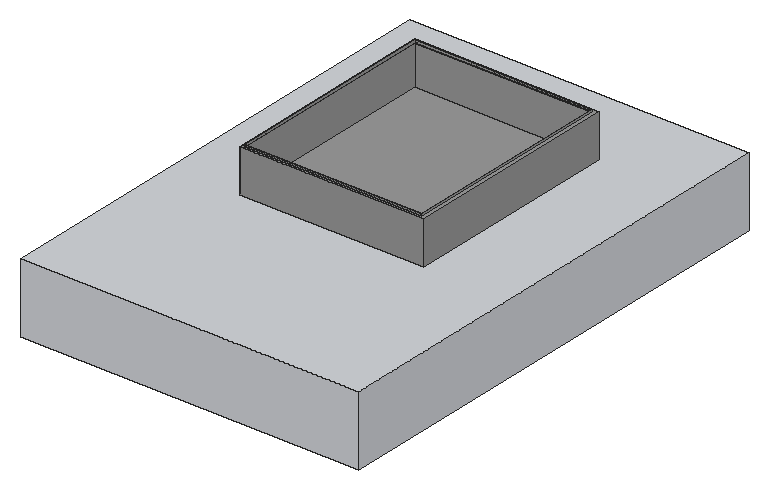
Revit family "Hager-Univers-IP30-D205-H950-Cl.II-Encl-CH-it", category Equipement électrique, Revit 2020
Family settings
  Hôte = Face
  Configuration du panneau = Deux colonnes, circuits au sein
  Cote de connecteur circulaire = Utiliser le diamètre
  Type d'élément = Tableau de raccordement
  Couper avec des vides une fois chargée = Non
  Partagée = Non
  Point de calcul de pièce = Non
Parameters (values of type "A parete IP30 L800 A950 P205  - FP63Q1S")
  Width Control [instance] = if([EF000008 - Larghezza] > Min Width, [EF000008 - Larghezza], Min Width)  # 800 mm
  Commentaires du type = [HG000003 - Gamma]  # "Univers"
  Thickness Door [instance] = if([EF009171 - spessore materiale porta/coperchio] > 3 mm, 3 mm, [EF009171 - spessore materiale porta/coperchio])  # 1 mm
  Seal Frame Offset [instance] = 17 mm  # constant formula
  Plinth Visibility [instance] = [HG000027 - Altezza dello zoccolo] > 0 mm  # no
  Model = ""
  Min Width [instance] = 100 mm  # constant formula
  Min Height [instance] = 100 mm  # constant formula
  Min Depth [instance] = (2 * [EF009170 - spessore materiale scatola]) + 1 mm  # 3 mm
  Internal Frame Depth [instance] = (Door System Depth * 0.5)  # 9 mm
  Height Control [instance] = if([EF000040 - Altezza] > Min Height, [EF000040 - Altezza], Min Height)  # 950 mm
  HG000027 - Altezza dello zoccolo = 0 mm
  HG000026 - A pavimento = no
  HG000024 - Altezza della sezione inferiore = 800 mm
  HG000023 - Custodia a doppia sezione = no
  HG000016 - Visibilità delle porte nella vista 3D [instance] = yes
  HG000015 - Visibilità attraverso la porta [instance] = no
  HG000014 - Porta destra [instance] = yes
  HG000013 - Porta sinistra [instance] = not([HG000014 - Porta destra])  # no
  HG000012 - Angolo di apertura della porta [instance] = 30.00°
  HG000010 - Porte asimmetriche = no
  HG000009 - Porta doppia a battente = no
  HG000006 - Ad incasso = no
  HG000004 - Codice produttore = "FP63Q1S"
  HG000003 - Gamma = "Univers"
  HG000002 - Con porta = no
  Frame Offset Bottom [instance] = 10 mm  # constant formula
  Frame Offset [instance] = 15 mm  # constant formula
  EF015940 - Coprire con rilascio di sovrapressione = no
  EF011959 - tipo di protezione (NEMA) = ""
  EF009554 - numero delle aperture per la piastra della flangia = 6
  Fabricant = "Hager"  # constant formula
  EF009212 - esecuzione coperchio = "EV009916 - con taglio"
  EF009171 - spessore materiale porta/coperchio = 1 mm
  EF009170 - spessore materiale scatola = 1 mm
  EF008873 - corrente nominale (In) = 250 A
  EF007800 - adatto per parafulmine = no
  EF006306 - con serratura = no
  EF006244 - coperchio/porta trasparente = no
  EF005474 - grado di protezione (IP) = "EV006410 - IP30"
  EF004464 - tipo di porta = "EV000494 - senza"
  EF004427 - numero di moduli = 216
  EF004293 - resistenza agli urti = "EV006813 - IK07"
  EF003532 - adatto per uso esterno = no
  EF002950 - Numero moduli DIN = 36
  EF001613 - Integrità del circuito = "EV000494 - senza"
  EF001596 - Attacco Lampada = "EV000179 - acciaio"
  EF001131 - profondità interna = 130 mm
  EF001088 - possibilità di applicazione = yes
  EF000437 - numero di ingressi per conduttori = 6
  EF000339 - tipo di copertura = "EV000494 - senza"
  EF000266 - numero di file = 6
  EF000218 - profondità di incasso = 0 mm
  EF000118 - con piastra di montaggio = no
  EF000116 - numero RAL = "9010"
  EF000049 - profondità = 205 mm
  EF000040 - Altezza = 950 mm
  EF000008 - Larghezza = 800 mm
  EF000007 - colore = "EV000202 - bianco"
  EF000003 - Tipo di montaggio = "EV000384 - A parete"
  Door System Leaf Tolerance [instance] = 1.5 mm  # constant formula
  Door System Depth [instance] = 18 mm  # constant formula
  Door Height [instance] = Height Control - [HG000027 - Altezza dello zoccolo]  # 950 mm
  Depth Control [instance] = if([EF000049 - profondità] > Min Depth, [EF000049 - profondità], Min Depth)  # 205 mm
  Default Elevation = 0 mm
  Connector Offset [instance] = Height Control / 2  # 475 mm
  Bottom Top Plate Trim [instance] = 1.5 mm  # constant formula
  Plinth height Ctrl [instance] = if([HG000027 - Altezza dello zoccolo] > 0 mm, [HG000027 - Altezza dello zoccolo], 12 mm)  # 12 mm
Types (5, lengths in mm): name | Width Control | HG000004 - Codice produttore | EF009554 - numero delle aperture per la piastra della flangia | EF004427 - numero di moduli | EF002950 - Numero moduli DIN | EF000437 - numero di ingressi per conduttori | EF000008 - Larghezza
  A parete IP30 L1050 A950 P205  - FP64Q1S | 1050 | "FP64Q1S" | 8 | 288 | 48 | 8 | 1050
  A parete IP30 L1300 A950 P205  - FP65Q1S | 1300 | "FP65Q1S" | 10 | 360 | 60 | 10 | 1300
  A parete IP30 L300 A950 P205  - FP61Q1S | 300 | "FP61Q1S" | 2 | 72 | 12 | 2 | 300
  A parete IP30 L550 A950 P205  - FP62Q1S | 550 | "FP62Q1S" | 4 | 144 | 24 | 4 | 550
  A parete IP30 L800 A950 P205  - FP63Q1S | 800 | "FP63Q1S" | 6 | 216 | 36 | 6 | 800
Reference planes
  plane 1 "Center (Front/Back)": y = 0
  plane 2: z = 0
  plane 3 "Center (Left/Right)": x = 0
  plane 4: z = 205
  plane 5: y = 1
  plane 6: y = 475
  plane 7: y = 0
  plane 8: y = 950
  plane 9: z = 0
  plane 10: x = -385
  plane 11: x = 385
  plane 12: x = 384
  plane 13: x = -384
  plane 14: y = 949
  plane 15: x = -383
  plane 16: x = -400
  plane 17: x = 383
  plane 18: x = 400
  plane 19: x = 399
  plane 20: x = -399
  plane 21: y = 11
  plane 22: y = 950
  plane 23: y = 934
  plane 24: z = 187
  plane 25: z = 1
  plane 26: z = 186
  plane 27: z = 204
Forms (mm)
  Extrusion 1, solid
    sketch origin (0, 0, 0) x (1, 0, 0) y (0, 1, 0)
      loop
        line (-702.964, 1305) -> (-702.964, -811.445) -> (766.763, -811.445) -> (766.763, 1305) -> (-702.964, 1305)
    from 0 to -304.8
  Extrusion 2, solid, material "Hager_Steel_RAL7035_Light_Grey", visible <- "Plinth Visibility", detail levels medium+fine
    sketch origin (0, 0, 0) x (1, 0, 0) y (0, 1, 0)
      loop
        line (-400, 0) -> (400, 0) -> (400, 12) -> (-400, 12) -> (-400, 0)
    from 0 to 187
  Extrusion 3, solid, material "Hager_Steel_RAL7035_Light_Grey", detail levels medium+fine
    sketch origin (0, 0, 0) x (1, 0, 0) y (0, 1, 0)
      loop
        line (-400, 0) -> (400, 0) -> (400, 950) -> (-400, 950) -> (-400, 0)
    from 0 to 187
  Extrusion 4, void
    sketch origin (0, 0, 0) x (1, 0, 0) y (0, 1, 0)
      loop
        line (-399, 1) -> (399, 1) -> (399, 949) -> (-399, 949) -> (-399, 1)
    from 1 to 186
  Extrusion 5, void
    sketch origin (-381.607, -4572, 187) x (0, -1, 0) y (-1, 0, 0)
      loop
        line (-4583, 2.393) -> (-5506, 2.393) -> (-5506, -765.607) -> (-4583, -765.607) -> (-4583, 2.393)
    from 0 to 1 <- "EF009170 - spessore materiale scatola"
  Extrusion 6, solid, material "Hager_Steel_RAL7035_Light_Grey", detail levels fine
    sketch origin (0, 0, 187) x (1, 0, 0) y (0, 1, 0)
      loop
        line (-384, 934) -> (-384, 11) -> (384, 11) -> (384, 934) -> (-384, 934)
      loop
        line (-385, 10) -> (385, 10) -> (385, 935) -> (-385, 935) -> (-385, 10)
    from 0 to 9 <- "Internal Frame Depth"
  Extrusion 7, solid, material "Hager_Steel_RAL7035_Light_Grey", detail levels coarse
    sketch origin (0, 0, 0) x (1, 0, 0) y (0, 1, 0)
      loop
        line (-400, 0) -> (400, 0) -> (400, 950) -> (-400, 950) -> (-400, 0)
    from 0 to 205
  Sweep 8, void
    path in 3D
      loop
        line (-400, 12, 0) -> (400, 12, 0) -> (400, 12, 187) -> (-400, 12, 187) -> (-400, 12, 0)
    profile origin (-400, 12, 93.5) x (-1, 0, 0) y (0, -1, 0)
      loop
        line (0, 0) -> (0, 1.5) -> (-1.5, 1.5)
        arc (-1.5, 1.5) -> (-1.061, 0.439) -> (0, 0) r 1.5
Cuts and joins
  Extrusion 4, Extrusion 5 cuts Extrusion 3
  Sweep 8 cuts Extrusion 2
Lines and regions (mm)
  Masking region 1
    outline origin (0, 0, 0) x (1, 0, 0) y (0, 0, 1)
      loop
        line (-400, 205) -> (-400, 0) -> (400, 0) -> (400, 205) -> (-400, 205)
  Masking region 2, detail levels medium+fine
    outline origin (0, 140, 0) x (0, 1, 0) y (0, 0, 1)
      loop
        line (-140, 0) -> (810, 0) -> (810, 187) -> (-140, 187) -> (-140, 0)
  Masking region 3, not visible, detail levels medium+fine
    outline origin (0, 297.922, 0) x (0, 1, 0) y (0, 0, 1)
      loop
        line (188.578, 0) -> (228.578, 0) -> (228.578, 194)
        arc (228.578, 194) -> (225.649, 201.071) -> (218.578, 204) r 10
        line (218.578, 204) -> (188.578, 204) -> (188.578, 0)
  Masking region 4, detail levels coarse
    outline origin (0, 0, 180) x (0, 1, 0) y (0, 0, 1)
      loop
        line (0, -180) -> (950, -180) -> (950, 25) -> (0, 25) -> (0, -180)
  Masking region 5, visible <- "Plinth Visibility", detail levels medium+fine
    outline origin (0, 52.24, 12.345) x (0, 0, -1) y (0, 1, 0)
      loop
        line (10.845, -40.24) -> (-173.155, -40.24)
        arc (-173.155, -40.24) -> (-173.594, -41.301) -> (-174.655, -41.74) r 1.5
        line (-174.655, -41.74) -> (-174.655, -52.24) -> (12.345, -52.24) -> (12.345, -41.74)
        arc (12.345, -41.74) -> (11.285, -41.301) -> (10.845, -40.24) r 1.5
  Masking region 6, detail levels medium+fine
    outline origin (-381.607, -4572, 187) x (-1, 0, 0) y (0, -1, 0)
      loop
        line (18.393, -5522) -> (18.393, -4572) -> (-781.607, -4572) -> (-781.607, -5522) -> (18.393, -5522)
  Masking region 7, visible <- "Plinth Visibility", detail levels medium+fine
    outline origin (-381.607, -4727, 187) x (-1, 0, 0) y (0, -1, 0)
      loop
        arc (16.893, -4739) -> (17.332, -4737.939) -> (18.393, -4737.5) r 1.5
        line (18.393, -4737.5) -> (18.393, -4727) -> (-781.607, -4727) -> (-781.607, -4737.5)
        arc (-781.607, -4737.5) -> (-780.546, -4737.939) -> (-780.107, -4739) r 1.5
        line (-780.107, -4739) -> (16.893, -4739)
  Masking region 8, detail levels coarse
    outline origin (-442.548, -4669.526, 187) x (-1, 0, 0) y (0, -1, 0)
      loop
        line (-42.548, -5619.526) -> (-42.548, -4669.526) -> (-842.548, -4669.526) -> (-842.548, -5619.526) -> (-42.548, -5619.526)
  sketch lines
    curve 1: line (-400, 12, 187) -> (-400, 12, 0)
    curve 2: line (400, 12, 187) -> (-400, 12, 187)
    curve 3: line (400, 12, 187) -> (400, 12, 0)
    curve 4: line (-400, 12, 0) -> (400, 12, 0)
Dimensions and locks
  "Depth Control": plane 4 to Extrusion 1
  "HG000027 - Altezza dello zoccolo": plane 1 "Center (Front/Back)" to plane 7
  "EF009170 - spessore materiale scatola": plane 5 to plane 7
  locked: connector elem to plane 3 "Center (Left/Right)"
  equal spacing: plane 8, plane 6, plane 7
  locked: connector elem to plane 6
  "EF009170 - spessore materiale scatola": plane 8 to plane 14
  "EF009170 - spessore materiale scatola": plane 10 to plane 13
  "EF009170 - spessore materiale scatola": plane 12 to plane 11
  "Frame Offset": plane 20 to plane 13
  "Frame Offset": plane 12 to plane 19
  "EF009170 - spessore materiale scatola": plane 16 to plane 20
  "EF009170 - spessore materiale scatola": plane 19 to plane 18
  "Seal Frame Offset": plane 16 to plane 15
  "Seal Frame Offset": plane 17 to plane 18
  "Frame Offset Bottom": plane 21 to plane 5
  "Frame Offset": plane 14 to plane 23
  equal spacing: plane 16, plane 3 "Center (Left/Right)", plane 18
  "Width Control": plane 16 to plane 18
  "EF009170 - spessore materiale scatola": plane 4 to plane 27
  "EF009170 - spessore materiale scatola": plane 24 to plane 26
  "EF009170 - spessore materiale scatola": plane 25 to level
  "Door System Depth": plane 4 to plane 24
  "Height Control": plane 1 "Center (Front/Back)" to Extrusion 7 sketch curve
  "Height Control": Masking region 4 sketch curve to plane 1 "Center (Front/Back)"
  "Height Control": plane 1 "Center (Front/Back)" to plane 22
  "Bottom Top Plate Trim": profile plane to Sweep 8 sketch curve
  "Bottom Top Plate Trim": Sweep 8 sketch curve to profile plane
  "Plinth height Ctrl": plane 1 "Center (Front/Back)" to Extrusion 2 sketch curve
  "Plinth height Ctrl": Masking region 5 sketch curve to plane 1 "Center (Front/Back)"
  "Plinth height Ctrl": plane 1 "Center (Front/Back)" to Masking region 7 sketch curve
  "Thickness Door": Extrusion 6 sketch curve to Extrusion 6 sketch curve  (x3)
  "Thickness Door": cut or joined group of Extrusion 3, Extrusion 4, Extrusion 5 to Extrusion 6 sketch curve
  radius of Masking region 3 sketch curve = 10 mm
  "Bottom Top Plate Trim": radius of Masking region 5 sketch curve  (x2)
  "Bottom Top Plate Trim": radius of Sweep 8 sketch curve
  "Bottom Top Plate Trim": radius of Masking region 7 sketch curve  (x2)
  aligned and locked: plane 2 to Extrusion 1
  aligned and locked: level to Extrusion 1
  aligned and locked: level to Masking region 1 sketch curve
  aligned and locked: Masking region 1 sketch curve to plane 18
  aligned and locked: Masking region 1 sketch curve to plane 16
  aligned and locked: plane 7 to Masking region 2 sketch curve
  aligned and locked: level to Masking region 3 sketch curve
  aligned and locked: Masking region 3 sketch curve to plane 27
  aligned and locked: level to Masking region 2 sketch curve
  aligned and locked: plane 1 "Center (Front/Back)" to Extrusion 2 sketch curve
  aligned and locked: Extrusion 3 sketch curve to plane 7
  aligned and locked: plane 16 to Extrusion 3 sketch curve
  aligned and locked: plane 18 to Extrusion 3 sketch curve
  aligned and locked: plane 20 to Extrusion 4 sketch curve
  aligned and locked: plane 19 to Extrusion 4 sketch curve
  aligned and locked: Extrusion 4 sketch curve to plane 5
  aligned and locked: Extrusion 4 to plane 25
  aligned and locked: plane 26 to Extrusion 4
  aligned and locked: plane 24 to Extrusion 3
  aligned and locked: Extrusion 5 sketch curve to plane 21
  aligned and locked: Extrusion 5 sketch curve to plane 13
  aligned and locked: Extrusion 5 sketch curve to plane 12
  aligned and locked: plane 18 to Extrusion 7 sketch curve
  aligned and locked: plane 1 "Center (Front/Back)" to Extrusion 7 sketch curve
  aligned and locked: plane 16 to Extrusion 7 sketch curve
  aligned and locked: plane 4 to Extrusion 7
  aligned and locked: Extrusion 7 to level
  aligned and locked: level to Masking region 4 sketch curve
  aligned and locked: Masking region 4 sketch curve to plane 1 "Center (Front/Back)"
  aligned and locked: Masking region 4 sketch curve to plane 4
  aligned and locked: nested 1 to level
  aligned and locked: nested 1 to plane 16
  aligned and locked: plane 8 to Extrusion 3 sketch curve
  aligned and locked: plane 23 to Extrusion 5 sketch curve
  aligned and locked: plane 14 to Extrusion 4 sketch curve
  aligned and locked: Masking region 2 sketch curve to plane 8
  aligned and locked: level to Masking region 5 sketch curve
  aligned and locked: plane 16 to Extrusion 2 sketch curve
  aligned and locked: plane 18 to Extrusion 2 sketch curve
  aligned and locked: Masking region 5 sketch curve to plane 24
  aligned and locked: Masking region 2 sketch curve to plane 24
  aligned and locked: plane 24 to Extrusion 2
  aligned and locked: profile plane to Sweep 8 sketch curve  (x2)
  aligned and locked: Masking region 6 sketch curve to plane 18
  aligned and locked: Masking region 6 sketch curve to plane 22
  aligned and locked: Masking region 6 sketch curve to plane 16
  aligned and locked: plane 8 to plane 22
  aligned and locked: Masking region 6 sketch curve to plane 7
  aligned and locked: Masking region 7 sketch curve to plane 16
  aligned and locked: Masking region 7 sketch curve to plane 1 "Center (Front/Back)"
  aligned and locked: Masking region 7 sketch curve to plane 18
  aligned and locked: Masking region 8 sketch curve to plane 1 "Center (Front/Back)"
  aligned and locked: Masking region 8 sketch curve to plane 18
  aligned and locked: Masking region 8 sketch curve to plane 22
  aligned and locked: Masking region 8 sketch curve to plane 16
  aligned and locked: nested 2 to plane 7
  aligned and locked: plane 3 "Center (Left/Right)" to nested 2
  aligned and locked: nested 2 to plane 24
  aligned and locked: Extrusion 6 sketch curve to cut or joined group of Extrusion 3, Extrusion 4, Extrusion 5  (x4)
Automatic sketch dimensions
  Extrusion 1 sketch curve to Extrusion 1 sketch curve = 1469.727 mm
  Extrusion 1 sketch curve to Extrusion 1 sketch curve = 2116.445 mm
  Masking region 1 sketch curve to plane 4 = 0 mm
  plane 6 to Masking region 3 sketch curve = 11.5 mm
  Masking region 3 sketch curve to Masking region 3 sketch curve = 30 mm
  Masking region 5 sketch curve to plane 1 "Center (Front/Back)" = 0 mm
Nested families
  nested 1: "Hager_Enclosure_Symbol" at (-400, 0, 0) x (1, 0, 0) z (0, -1, 0), Height <- "Depth Control", Width <- "Width Control", type "Hager_Enclosure_Symbol"
    with Width_Ctrl 800 mm, Width 800 mm, Height_Ctrl 205 mm, Height 205 mm, A_Width_Int 13.453 mm, A_Width 161.438 mm, A_Height_Ctrl 179.375 mm, A_Height 179.375 mm
  nested 2: "EC000058_Univers_Door" at (0, 0, 187) x (1, 0, 0) z (0, 1, 0), Leaf_Tolerance <- "Door System Leaf Tolerance", Angle <- "HG000012 - Angolo di apertura della porta", Door_Depth <- "Door System Depth", Door_Left <- "HG000013 - Porta sinistra", Transparent <- "EF006244 - coperchio/porta trasparente", Assymetrical <- "HG000010 - Porte asimmetriche", Width <- "Width Control", Clearance <- "HG000015 - Visibilità attraverso la porta", Double <- "HG000009 - Porta doppia a battente", 3d_Door <- "HG000016 - Visibilità delle porte nella vista 3D", Lock_Visibility <- "EF006306 - con serratura", Width_Ctrl <- "Width Control", Door_Right <- "HG000014 - Porta destra", Door <- "HG000002 - Con porta", Height <- "Door Height", Thickness <- "Thickness Door", type "EC000058_Univers_Door", detail levels medium+fine
    with min_wh 3 mm, Width_Ctrl 800 mm, Width 800 mm, Transparent no, Thickness 1 mm, Seal_Material Hager_Rubber, Lock_Visibility no, Lock_Material Hager_Plastic_RAL9005_Jet_Black, Leaf_Width 800 mm, Leaf_Tolerance_External_Sides 0 mm, Leaf_Tolerance 1.5 mm, Leaf_Offset 0 mm, Leaf_Height 947 mm, Leaf_2_Width 800 mm, Leaf_2_Offset 400 mm, Leaf_1_Width 800 mm, Leaf_1_Offset 400 mm, Height_Ctrl 950 mm, Height 950 mm, Glass_Material Hager_Glass, Double_Clearance_Ctrl no, Double no, Door_Right_Ctrl no, Door_Right yes, Door_Material Hager_Steel_RAL7035_Light_Grey, Door_Left_Ctrl no, Door_Left no, Door_Depth 18 mm, Door no, Clearance_Material Hager_Clearance, Clearance_Depth 800 mm, Clearance_Ctrl no, Clearance no, Assymetrical no, Angle 30.00°, 3d_Door yes
Connectors
  electrical at (0, 475, 0)
    settings: on plane 9, index 1, voltage 0 V, apparent load 0 VA, apparent load phase1 0 VA, apparent load phase2 0 VA, apparent load phase3 0 VA, power factor 1, load classification "Other", number of poles 1, system type 30, power factor state 1, is connector primary yes, connector utility no, sub classification motor no, connector description ""
Definition of nested family "Hager_Enclosure_Symbol"
  Parameters (values of type "Hager_Enclosure_Symbol")
    Width_Ctrl [instance] = if(Width > 1 mm, Width, 1 mm)  # 102.27 mm
    Width [instance] = 102.27 mm
    Height_Ctrl [instance] = if(Height > 1 mm, Height, 1 mm)  # 66.5 mm
    A_Width_Int [instance] = if(A_Width / 12 > 2 mm, A_Width / 12, 2 mm)  # 4.364 mm
    A_Width [instance] = if(A_Height_Ctrl * 0.9 > 2 mm, A_Height_Ctrl * 0.9, 2 mm)  # 52.369 mm
    A_Height_Ctrl [instance] = if(A_Height > 2 mm, A_Height, 2 mm)  # 58.188 mm
    Height [instance] = 66.5 mm
    A_Height [instance] = Height - (Height / 8)  # 58.188 mm
  Reference planes
    plane 1 "Centre (avant/arrière)": y = 0
    plane 2: z = 0
    plane 3 "Centre (gauche/droite)": x = 0
    plane 4: x = 52.369
    plane 5: y = 33.042
    plane 6: y = 41.77
    plane 7: y = 66.5
    plane 8: x = 26.184
    plane 9: y = 37.406
    plane 10: x = 102.27
    plane 11: y = 66.5
    plane 12: y = 8.313
  Lines and regions (mm)
    Filled region 1, type "Solid_Black", in view "Niveau de réf."
      outline origin (0, 0, 0) x (1, 0, 0) y (0, 1, 0)
        loop
          line (52.369, 66.5) -> (33.188, 54.536) -> (45.365, 45.006) -> (52.369, 66.5)
    Filled region 2, type "Solid_Black", in view "Niveau de réf."
      outline origin (0, 0, 0) x (1, 0, 0) y (0, 1, 0)
        loop
          line (0, 0) -> (102.27, 0) -> (102.27, 66.5) -> (0, 0)
    detail lines, in view "Niveau de réf."
      curve 1: line (0, 8.313, 0) -> (26.184, 41.77, 0)
      curve 2: line (26.184, 41.77, 0) -> (26.184, 33.042, 0)
      curve 3: line (26.184, 33.042, 0) -> (52.369, 66.5, 0)
  Dimensions and locks
    "A_Width": plane 3 "Centre (gauche/droite)" to plane 4
    equal spacing: plane 3 "Centre (gauche/droite)", plane 8, plane 4
    equal spacing: plane 6, plane 9, plane 5
    equal spacing: curve 3, Filled region 1 sketch curve, Filled region 1 sketch curve
    "Height_Ctrl": plane 1 "Centre (avant/arrière)" to plane 11
    "A_Height_Ctrl": plane 11 to plane 12
    equal spacing: plane 11, plane 9, plane 12
    "A_Width_Int": plane 6 to plane 9
    "Width_Ctrl": plane 3 "Centre (gauche/droite)" to plane 10
    angle Filled region 1 sketch curve to curve 3 = 20.00°
    angle curve 3 to Filled region 1 sketch curve = 20.00°
    locked: curve 3 to Filled region 1 sketch curve (angle 90.00°)
    aligned and locked: plane 10 to Filled region 2
    aligned and locked: plane 11 to Filled region 2 sketch curve
    aligned and locked: plane 10 to Filled region 2 sketch curve
    aligned and locked: plane 3 "Centre (gauche/droite)" to curve 1
    aligned and locked: plane 12 to curve 1
    aligned and locked: plane 7 to plane 11
  Automatic sketch dimensions
    Filled region 1 sketch curve to plane 4 = 0 mm
    Filled region 1 sketch curve to plane 7 = 0 mm
    plane 1 "Centre (avant/arrière)" to Filled region 2 sketch curve = 0 mm
    Filled region 2 sketch curve to plane 3 "Centre (gauche/droite)" = 0 mm
    curve 2 to plane 6 = 0 mm
    curve 2 to plane 8 = 0 mm
    curve 3 to plane 4 = 0 mm
    curve 2 to plane 5 = 0 mm
    curve 3 to plane 7 = 0 mm
Definition of nested family "EC000058_Univers_Door"
  Parameters (values of type "EC000058_Univers_Door")
    min_wh [instance] = (2 * Thickness) + 1 mm  # 11 mm
    Width_Ctrl [instance] = 400 mm
    Width [instance] = 500 mm
    Transparent [instance] = yes
    Thickness [instance] = 5 mm
    Seal_Material [instance] = none
    Lock_Visibility [instance] = yes
    Lock_Material [instance] = none
    Leaf_Width [instance] = if((Width_Ctrl - 2 * Leaf_Tolerance_External_Sides) > 0 mm, (Width_Ctrl - 2 * Leaf_Tolerance_External_Sides), min_wh)  # 400 mm
    Leaf_Tolerance_External_Sides [instance] = 0 mm  # constant formula
    Leaf_Tolerance [instance] = 1.5 mm
    Leaf_Offset [instance] = 0 mm  # constant formula
    Leaf_Height [instance] = if((Height_Ctrl - 2 * Leaf_Tolerance) > 0 mm, (Height_Ctrl - 2 * Leaf_Tolerance), min_wh)  # 497 mm
    Leaf_2_Width [instance] = if(and(and(Double, Assymetrical), Door_Left), (Leaf_Width / 3) - (Leaf_Tolerance / 2), if(and(and(Double, Assymetrical), Door_Right), (Leaf_Width / 3) * 2 - (Leaf_Tolerance / 2), if(and(Double, not(Assymetrical)), (Leaf_Width / 2) - Leaf_Tolerance, Leaf_Width)))  # 400 mm
    Leaf_2_Offset [instance] = if(and(Double, Assymetrical), Leaf_2_Width / 2, if(and(Double, not(Assymetrical)), Leaf_Width / 4, Leaf_Width / 2))  # 200 mm
    Leaf_1_Width [instance] = if(and(and(Double, Assymetrical), Door_Right), (Leaf_Width / 3) - (Leaf_Tolerance / 2), if(and(and(Double, Assymetrical), Door_Left), (Width / 3) * 2 - (Leaf_Tolerance / 2), if(and(Double, not(Assymetrical)), (Leaf_Width / 2) - Leaf_Tolerance, Leaf_Width)))  # 400 mm
    Leaf_1_Offset [instance] = if(and(Double, Assymetrical), Leaf_1_Width / 2, if(and(Double, not(Assymetrical)), Leaf_Width / 4, Leaf_Width / 2))  # 200 mm
    Height_Ctrl [instance] = if(Height > min_wh, Height, min_wh)  # 500 mm
    Height [instance] = 500 mm
    Glass_Material [instance] = none
    Double_Clearance_Ctrl [instance] = and(Double, Clearance)  # no
    Double [instance] = no
    Door_Right_Ctrl [instance] = and(or(Door_Right, Double), Door)  # yes
    Door_Right [instance] = yes
    Door_Material [instance] = none
    Door_Left_Ctrl [instance] = and(or(Door_Left, Double), Door)  # no
    Door_Left [instance] = no
    Door_Depth [instance] = 30 mm
    Door [instance] = yes
    Default Elevation = 1219.2 mm
    Clearance_Material [instance] = none
    Clearance_Depth [instance] = if(Leaf_1_Width > Leaf_2_Width, Leaf_1_Width, Leaf_2_Width)  # 400 mm
    Clearance_Ctrl [instance] = and(not(Double), Clearance)  # yes
    Clearance [instance] = yes
    Assymetrical [instance] = yes
    Angle [instance] = 30.00°
    3d_Door [instance] = yes
  Reference planes
    plane 1 "Center (Front/Back)": y = 0
    plane 2 "Bottom": z = 0
    plane 3 "Center (Left/Right)": x = 0
    plane 4: z = 500
    plane 5: x = -200
    plane 6: x = 200
    plane 7: z = 500
    plane 8: x = -200
    plane 9: z = 0
    plane 10: x = 200
    plane 11: y = 0
    plane 12: z = 1.5
    plane 13: x = -600
    plane 14: y = -400
    plane 15: x = 600
    plane 16: x = 0
    plane 17: x = 0
    plane 18: x = -200
    plane 19: x = 200
    plane 20: z = 498.5
  Forms (mm)
    Extrusion 1, solid, material <- "Clearance_Material", visible <- "Double_Clearance_Ctrl"
      sketch origin (1200, 0, 0) x (1, 0, 0) y (0, 0, -1)
        loop
          line (-1800, -498.5) -> (-600, -498.5) -> (-600, 0) -> (-1800, 0) -> (-1800, -498.5)
      from 0 to -400
  Dimensions and locks
    equal spacing: plane 5, plane 3 "Center (Left/Right)", plane 6
    "Width_Ctrl": plane 5 to plane 6
    "Leaf_Offset": plane 5 to plane 8
    "Leaf_Offset": plane 6 to plane 10
    "Leaf_Offset": plane 9 to level
    "Leaf_Offset": plane 4 to plane 7
    "Height_Ctrl": plane 4 to level
    "Leaf_Tolerance": plane 12 to plane 9
    locked: plane 11 to plane 1 "Center (Front/Back)"
    "Leaf_1_Offset": plane 18 to plane 16
    "Leaf_2_Offset": plane 17 to plane 19
    "Leaf_1_Width": plane 13 to plane 8
    "Leaf_2_Width": plane 10 to plane 15
    "Clearance_Depth": plane 14 to plane 1 "Center (Front/Back)"
    "Leaf_Tolerance_External_Sides": plane 8 to plane 18
    "Leaf_Tolerance_External_Sides": plane 19 to plane 10
    "Leaf_Tolerance": plane 7 to plane 20
    aligned and locked: level to plane 2 "Bottom"
    aligned and locked: nested 1 to plane 16
    aligned and locked: nested 2 to plane 17
    aligned and locked: Extrusion 1 to plane 13
    aligned and locked: plane 15 to Extrusion 1
    aligned and locked: Extrusion 1 to plane 14
    aligned and locked: plane 12 to nested 1
    aligned and locked: nested 2 to plane 12
    aligned and locked: Extrusion 1 to plane 11
    aligned and locked: plane 20 to Extrusion 1
    aligned and locked: nested 2 to plane 11
    aligned and locked: nested 1 to plane 11
  Automatic sketch dimensions
    Extrusion 1 sketch curve to level = 0 mm
    plane 5 to Extrusion 1 sketch curve = 400 mm
    plane 6 to Extrusion 1 sketch curve = 400 mm
    Extrusion 1 sketch curve to plane 4 = 1.5 mm
  Nested families
    nested 1: "EC000058_Univers_Door_Leaf" at (0, 0, 1.5), Width <- "Leaf_1_Width", visible <- "Door_Left_Ctrl", Leaf_Height <- "Leaf_Height", Angle <- "Angle", 3d_Door <- "3d_Door", Transparent <- "Transparent", Clearance Material <- "Clearance_Material", Clearance <- "Clearance_Ctrl", Door_Material <- "Door_Material", Glass_Material <- "Glass_Material", Door_Depth <- "Door_Depth", Lock_Material <- "Lock_Material", Seal_Material <- "Seal_Material", Lock_Visibility <- "Lock_Visibility", Thickness <- "Thickness", type "EC000058_Univers_Door_Leaf"
      with Width 400 mm, Transparent_Glass_Offset 30 mm, Transparent_Ctrl yes, Transparent yes, Thickness 5 mm, Standard no, Seal_Material none, Seal_D2 8 mm, Seal_D1 1 mm, Offset_Internal_Frame 10 mm, Lock_Width 20 mm, Lock_Visibility_3d yes, Lock_Visibility yes, Lock_Thickness_3 3 mm, Lock_Thickness_2 1 mm, Lock_Thickness_1 3 mm, Lock_Radius_Offset_2 16 mm, Lock_Radius_Offset_1 15 mm, Lock_Radius_2 5 mm, Lock_Radius 6 mm, Lock_Offset 5 mm, Lock_Material none, Lock_Height 80 mm, Lock_Cover_Top_Offset_2d 17 mm, Lock_Cover_Height -65 mm, Leaf_Height 497 mm, Internal_Seal_Thickness 8 mm, Internal_Seal_Depth_2 4.5 mm, Internal_Frame_Depth 25 mm, Glass_Thickness -1 mm, Glass_Offset -2 mm, Glass_Material none, Door_Material none, Door_Depth 30 mm, Clearance Material none, Clearance yes, Angle_Ctrl 30.00°, Angle 30.00°, 3d_Door yes
    nested 2: "EC000058_Univers_Door_Leaf" at (0, 0, 1.5) x (-1, 0, 0) z (0, 0, 1), Width <- "Leaf_2_Width", visible <- "Door_Right_Ctrl", Leaf_Height <- "Leaf_Height", Angle <- "Angle", 3d_Door <- "3d_Door", Transparent <- "Transparent", Clearance Material <- "Clearance_Material", Clearance <- "Clearance_Ctrl", Door_Material <- "Door_Material", Glass_Material <- "Glass_Material", Door_Depth <- "Door_Depth", Lock_Material <- "Lock_Material", Seal_Material <- "Seal_Material", Lock_Visibility <- "Lock_Visibility", Thickness <- "Thickness", type "EC000058_Univers_Door_Leaf"
      with Width 400 mm, Transparent_Glass_Offset 30 mm, Transparent_Ctrl yes, Transparent yes, Thickness 5 mm, Standard no, Seal_Material none, Seal_D2 8 mm, Seal_D1 1 mm, Offset_Internal_Frame 10 mm, Lock_Width 20 mm, Lock_Visibility_3d yes, Lock_Visibility yes, Lock_Thickness_3 3 mm, Lock_Thickness_2 1 mm, Lock_Thickness_1 3 mm, Lock_Radius_Offset_2 16 mm, Lock_Radius_Offset_1 15 mm, Lock_Radius_2 5 mm, Lock_Radius 6 mm, Lock_Offset 5 mm, Lock_Material none, Lock_Height 80 mm, Lock_Cover_Top_Offset_2d 17 mm, Lock_Cover_Height -65 mm, Leaf_Height 497 mm, Internal_Seal_Thickness 8 mm, Internal_Seal_Depth_2 4.5 mm, Internal_Frame_Depth 25 mm, Glass_Thickness -1 mm, Glass_Offset -2 mm, Glass_Material none, Door_Material none, Door_Depth 30 mm, Clearance Material none, Clearance yes, Angle_Ctrl 30.00°, Angle 30.00°, 3d_Door yes
  Definition of nested family "EC000058_Univers_Door_Leaf"
    Parameters (values of type "EC000058_Univers_Door_Leaf")
      Width [instance] = 2000 mm
      Transparent_Glass_Offset [instance] = 30 mm
      Transparent_Ctrl [instance] = and(Transparent, [3d_Door])  # yes
      Transparent [instance] = yes
      Thickness [instance] = 5 mm
      Standard [instance] = and(not(Transparent), [3d_Door])  # no
      Seal_Material [instance] = none
      Seal_D2 [instance] = 8 mm  # constant formula
      Seal_D1 [instance] = 1 mm  # constant formula
      Offset_Internal_Frame [instance] = 10 mm  # constant formula
      Lock_Width [instance] = 20 mm  # constant formula
      Lock_Visibility_3d [instance] = and(Lock_Visibility, [3d_Door])  # yes
      Lock_Visibility [instance] = yes
      Lock_Thickness_3 [instance] = 3 mm  # constant formula
      Lock_Thickness_2 [instance] = 1 mm  # constant formula
      Lock_Thickness_1 [instance] = 3 mm  # constant formula
      Lock_Radius_Offset_2 [instance] = Lock_Radius_Offset_1 + 1 mm  # 16 mm
      Lock_Radius_Offset_1 [instance] = 15 mm  # constant formula
      Lock_Radius_2 [instance] = Lock_Radius - 1 mm  # 5 mm
      Lock_Radius [instance] = 6 mm  # constant formula
      Lock_Offset [instance] = 5 mm  # constant formula
      Lock_Material [instance] = none
      Lock_Height [instance] = 80 mm  # constant formula
      Lock_Cover_Top_Offset_2d [instance] = Lock_Radius_Offset_2 + 1 mm  # 17 mm
      Lock_Cover_Height [instance] = -(Lock_Height - Lock_Radius_Offset_1)  # -65 mm
      Leaf_Height [instance] = 2720.336 mm
      Internal_Seal_Thickness [instance] = 8 mm  # constant formula
      Internal_Seal_Depth_2 [instance] = 4.5 mm  # constant formula
      Internal_Frame_Depth [instance] = if(Door_Depth - Thickness > 5 mm, Door_Depth - Thickness, 5 mm)  # 25 mm
      Glass_Thickness [instance] = if(Thickness > 15 mm, Glass_Offset + 10 mm, -1 mm)  # -1 mm
      Glass_Offset [instance] = if(Thickness > 15 mm, -(Thickness + 10 mm) / 2, -2 mm)  # -2 mm
      Glass_Material [instance] = none
      Door_Material [instance] = none
      Door_Depth [instance] = 30 mm
      Default Elevation = 0 mm
      Clearance Material [instance] = none
      Clearance [instance] = yes
      Angle_Ctrl [instance] = if(Angle > 180.00°, 180.00°, Angle)  # 90.00°
      Angle [instance] = 90.00°
      3d_Door [instance] = yes
    Reference planes
      plane 1 "Center (Front/Back)": y = 0
      plane 2: z = 0
      plane 3 "Center (Left/Right)": x = 0
      plane 4: y = 2000
      plane 5: x = -1000
      plane 6: x = 1000
      plane 7: x = -3000
      plane 8: z = 2720.336
      plane 9: z = 30
      plane 10: z = 2690.336
      plane 11: x = 970
      plane 12: x = -970
      plane 13: y = -3
      plane 14: z = 107.833
      plane 15: y = -5
      plane 16: y = -223.314
      plane 17: x = -1000
      plane 18: z = 1360.168
      plane 19: y = 30
    Forms (mm)
      Extrusion 1, solid, material <- "Clearance Material", visible <- "Clearance"
        sketch origin (0, 0, 0) x (1, 0, 0) y (0, 0, 1)
          loop
            line (-3000, 2720.336) -> (-3000, 0) -> (1000, 0) -> (1000, 2720.336) -> (-3000, 2720.336)
        from 0 to -2000
      Extrusion 2, solid, material <- "Door_Material", visible <- "Standard", detail levels medium+fine
        sketch origin (-1000, 0, 0) x (0, 1, 0) y (-1, 0, 0)
          loop
            line (0, 30) -> (0, 25) -> (2000, 25) -> (2000, 30) -> (0, 30)
        from 0 to 2720.336 <- "Leaf_Height"
      Extrusion 3, solid, material <- "Door_Material", visible <- "Transparent_Ctrl", detail levels medium+fine
        sketch origin (-1000, 0, 0) x (0, 1, 0) y (-1, 0, 0)
          loop
            line (0, 25) -> (2000, 25) -> (2000, 30) -> (0, 30) -> (0, 25)
        from 0 to 2720.336 <- "Leaf_Height"
      Extrusion 4, void
        sketch origin (-1025, 2000, 0) x (0, 1, 0) y (0, 0, -1)
          loop
            line (-30, -2690.336) -> (-30, -30) -> (-1970, -30) -> (-1970, -2690.336) -> (-30, -2690.336)
        from 0 to 5 <- "Thickness"
      Sweep 5, solid, material <- "Seal_Material", visible <- "Transparent_Ctrl", detail levels fine
        path in 3D
          loop
            line (-1025, 30, 30) -> (-1025, 30, 2690.336) -> (-1025, 1970, 2690.336) -> (-1025, 1970, 30) -> (-1025, 30, 30)
        profile origin (-1025, 1000, 30) x (1, 0, 0) y (0, 0, 1)
          loop
            line (0, 0) -> (0, -8) -> (1, -8) -> (1, 0) -> (0, 0)
      Extrusion 6, solid, material <- "Glass_Material", visible <- "Transparent_Ctrl", detail levels medium+fine
        sketch origin (-1030, 0, 0) x (0, 1, 0) y (0, 0, -1)
          loop
            line (1970, -2690.336) -> (1970, -30) -> (30, -30) -> (30, -2690.336) -> (1970, -2690.336)
        from -2 <- "Glass_Offset" to -1 <- "Glass_Thickness"
      Extrusion 7, solid, material <- "Door_Material", visible <- "3d_Door", detail levels medium+fine
        sketch origin (-1025, 2000, 0) x (0, -1, 0) y (0, 0, -1)
          loop
            line (0, -2720.336) -> (2000, -2720.336) -> (2000, 0) -> (0, 0) -> (0, -2720.336)
          loop
            line (1995, -5) -> (5, -5) -> (5, -2715.336) -> (1995, -2715.336) -> (1995, -5)
        from 0 to 25 <- "Internal_Frame_Depth"
      Sweep 8, solid, material <- "Seal_Material", visible <- "Transparent_Ctrl", detail levels fine
        path in 3D
          loop
            line (-1025, 0, 0) -> (-1025, 2000, 0) -> (-1025, 2000, 2720.336) -> (-1025, 0, 2720.336) -> (-1025, 0, 0)
        profile origin (-1025, 0, 1360.168) x (1, 0, 0) y (0, 1, 0)
          loop
            line (0, 10) -> (2.975, 10)
            arc (2.975, 10) -> (4.053, 10.447) -> (4.5, 11.525) r 1.525
            line (4.5, 11.525) -> (4.5, 16.527)
            arc (4.5, 16.527) -> (4.069, 17.569) -> (3.027, 18) r 1.473
            line (3.027, 18) -> (0, 18) -> (0, 10)
      Extrusion 9, solid, material <- "Lock_Material", visible <- "Lock_Visibility_3d", detail levels fine
        sketch origin (-1030, 0, 0) x (0, 1, 0) y (0, 0, -1)
          loop
            arc (1993.5, -1400.168) -> (1994.561, -1399.729) -> (1995, -1398.668) r 1.5
            line (1995, -1398.668) -> (1995, -1320.168) -> (1975, -1320.168) -> (1975, -1398.668)
            arc (1975, -1398.668) -> (1975.439, -1399.729) -> (1976.5, -1400.168) r 1.5
            line (1976.5, -1400.168) -> (1993.5, -1400.168)
        from 3 <- "Lock_Thickness_1" to 0
      Blend 10, solid, material <- "Lock_Material", visible <- "Lock_Visibility_3d", detail levels fine
        base sketch origin (-1033, 0, 0) x (0, 1, 0) y (0, 0, -1)
          loop
            line (1975, -1320.168) -> (1975, -1398.668)
            arc (1975, -1398.668) -> (1975.439, -1399.729) -> (1976.5, -1400.168) r 1.5
            line (1976.5, -1400.168) -> (1993.5, -1400.168)
            arc (1993.5, -1400.168) -> (1994.561, -1399.729) -> (1995, -1398.668) r 1.5
            line (1995, -1398.668) -> (1995, -1320.168) -> (1975, -1320.168)
        top sketch origin (-1033, 0, 0) x (0, 1, 0) y (0, 0, -1)
          loop
            line (1976, -1320.168) -> (1976, -1398.668)
            arc (1976, -1398.668) -> (1976.146, -1399.022) -> (1976.5, -1399.168) r 0.5
            line (1976.5, -1399.168) -> (1993.5, -1399.168)
            arc (1993.5, -1399.168) -> (1993.854, -1399.022) -> (1994, -1398.668) r 0.5
            line (1994, -1398.668) -> (1994, -1320.168) -> (1976, -1320.168)
        from 0 to 1 <- "Lock_Thickness_2"
      Blend 11, solid, material <- "Lock_Material", visible <- "Lock_Visibility_3d", detail levels fine
        base sketch origin (-1034, 0, 0) x (0, 1, 0) y (0, 0, -1)
          loop
            line (1978, -1320.168) -> (1978, -1384.168)
            arc (1978, -1384.168) -> (1985, -1391.168) -> (1992, -1384.168) r 7
            line (1992, -1384.168) -> (1992, -1320.168) -> (1978, -1320.168)
        top sketch origin (-1034, 0, 0) x (0, 1, 0) y (0, 0, -1)
          loop
            line (1991, -1320.168) -> (1979, -1320.168) -> (1979, -1383.168)
            arc (1979, -1383.168) -> (1985, -1389.168) -> (1991, -1383.168) r 6
            line (1991, -1383.168) -> (1991, -1320.168)
        from 0 to 3 <- "Lock_Thickness_3"
      Extrusion 12, solid, material <- "Lock_Material", visible <- "Lock_Visibility_3d", detail levels fine
        sketch origin (-1030, 1975, 1320.168) x (1, 0, 0) y (0, -1, 0)
          loop
            line (-7, -19) -> (-7, -1) -> (0, -1) -> (0, 0) -> (-8, 0) -> (-8, -20) -> (0, -20) -> (0, -19) -> (-7, -19)
        from 0 to -65 <- "Lock_Cover_Height"
      Extrusion 13, void
        sketch origin (-1038, 1995, 1320.168) x (-1, 0, 0) y (0, 0, -1)
          loop
            line (-5, -65) -> (0, -65) -> (-5, -60) -> (-5, -65)
        from 0 to 20 <- "Lock_Width"
      Extrusion 14, void
        sketch origin (-1038, 1975, 1320.168) x (0, -1, 0) y (0, 0, -1)
          loop
            circle (-10, -15.995) r 6
          loop
            circle (-10, -15.995) r 5
        from 0 to 2
      Extrusion 15, solid, material <- "Lock_Material", visible <- "Lock_Visibility_3d", detail levels medium
        sketch origin (-1030, 0, 0) x (0, 1, 0) y (0, 0, -1)
          loop
            arc (1993.5, -1400.168) -> (1994.561, -1399.729) -> (1995, -1398.668) r 1.5
            line (1995, -1398.668) -> (1995, -1320.168) -> (1975, -1320.168) -> (1975, -1398.668)
            arc (1975, -1398.668) -> (1975.439, -1399.729) -> (1976.5, -1400.168) r 1.5
            line (1976.5, -1400.168) -> (1993.5, -1400.168)
        from 8 to 0
    Cuts and joins
      Extrusion 4 cuts Extrusion 3
      Extrusion 13, Extrusion 14 cuts Extrusion 9
      Extrusion 14 cuts Blend 11
      Extrusion 13, Extrusion 14 cuts Extrusion 12
      joined: Extrusion 9, Blend 10, Blend 11, Extrusion 12
      Extrusion 14 cuts Extrusion 15
    Lines and regions (mm)
      Masking region 1, visible <- "Lock_Visibility", detail levels fine
        outline origin (0, 0, 0) x (0, 1, 0) y (0, 0, 1)
          loop
            line (30, 1320.168) -> (33, 1320.168) -> (33, 1400.168) -> (30, 1400.168) -> (30, 1320.168)
      Masking region 2, visible <- "Lock_Visibility", detail levels fine
        outline origin (0, 3.143, 0) x (0, 1, 0) y (0, 0, 1)
          loop
            line (29.857, 1354.168) -> (30.857, 1354.168) -> (30.857, 1366.168) -> (29.857, 1366.168) -> (29.857, 1354.168)
      Masking region 3, detail levels medium+fine
        outline origin (0, 0, 0) x (0, 1, 0) y (0, 0, 1)
          loop
            line (0, 0) -> (30, 0) -> (30, 2720.336) -> (0, 2720.336) -> (0, 0)
      Masking region 4, detail levels medium+fine
        outline origin (0, 0, 0) x (1, 0, 0) y (0, 0, 1)
          loop
            line (-1000, 2720.336) -> (-1000, 0) -> (1000, 0) -> (1000, 2720.336) -> (-1000, 2720.336)
      Masking region 5, visible <- "Lock_Visibility", detail levels fine
        outline origin (-47.116, 0, 0) x (1, 0, 0) y (0, 0, 1)
          loop
            arc (1024.616, 1399.168) -> (1023.556, 1398.729) -> (1023.116, 1397.668) r 1.5
            line (1023.116, 1397.668) -> (1023.116, 1320.168) -> (1041.116, 1320.168) -> (1041.116, 1397.668)
            arc (1041.116, 1397.668) -> (1040.677, 1398.729) -> (1039.616, 1399.168) r 1.5
            line (1039.616, 1399.168) -> (1024.616, 1399.168)
      Masking region 6, visible <- "Lock_Visibility", detail levels medium+fine
        outline origin (-25, 0, 0) x (1, 0, 0) y (0, 0, 1)
          loop
            arc (1001.5, 1400.168) -> (1000.439, 1399.729) -> (1000, 1398.668) r 1.5
            line (1000, 1398.668) -> (1000, 1320.168) -> (1020, 1320.168) -> (1020, 1398.668)
            arc (1020, 1398.668) -> (1019.561, 1399.729) -> (1018.5, 1400.168) r 1.5
            line (1018.5, 1400.168) -> (1001.5, 1400.168)
      Masking region 7, visible <- "Lock_Visibility", detail levels fine
        outline origin (-73.735, 0, 0) x (1, 0, 0) y (0, 0, 1)
          loop
            line (1051.735, 1382.168) -> (1065.735, 1382.168) -> (1065.735, 1384.168)
            arc (1065.735, 1384.168) -> (1058.735, 1391.168) -> (1051.735, 1384.168) r 7
            line (1051.735, 1384.168) -> (1051.735, 1382.168)
      Masking region 8, visible <- "Lock_Visibility", detail levels fine
        outline origin (-73.735, 0, 0) x (1, 0, 0) y (0, 0, 1)
          loop
            line (1052.735, 1382.168) -> (1064.735, 1382.168) -> (1064.735, 1383.168)
            arc (1064.735, 1383.168) -> (1058.735, 1389.168) -> (1052.735, 1383.168) r 6
            line (1052.735, 1383.168) -> (1052.735, 1382.168)
      Masking region 9, visible <- "Lock_Visibility", detail levels fine
        outline origin (-25, 0, 0) x (1, 0, 0) y (0, 0, 1)
          loop
            line (1020, 1320.168) -> (1020, 1382.168) -> (1000, 1382.168) -> (1000, 1320.168) -> (1020, 1320.168)
      Masking region 10, detail levels medium+fine
        outline origin (0, 0, 0) x (1, 0, 0) y (0, 0, 1)
          loop
            circle (985, 1335.144) r 6
      Masking region 11, detail levels fine
        outline origin (0, 0, 0) x (1, 0, 0) y (0, 0, 1)
          loop
            circle (985, 1335.144) r 5
      Masking region 12, visible <- "Lock_Visibility", detail levels fine
        outline origin (0, 12.767, 0) x (0, 1, 0) y (0, 0, 1)
          loop
            line (20.233, 1320.168) -> (21.233, 1320.168) -> (21.233, 1399.168) -> (20.233, 1400.168) -> (20.233, 1320.168)
      Masking region 13, visible <- "Lock_Visibility", detail levels fine
        outline origin (0, 13.767, -10) x (0, 1, 0) y (0, 0, 1)
          loop
            line (20.233, 1330.168) -> (23.233, 1330.168) -> (23.233, 1399.168) -> (20.233, 1402.168) -> (20.233, 1330.168)
      Masking region 14, visible <- "Lock_Visibility", detail levels fine
        outline origin (0, 12.767, -10) x (0, 1, 0) y (0, 0, 1)
          loop
            line (20.233, 1330.168) -> (25.233, 1330.168) -> (25.233, 1399.305) -> (20.233, 1394.305) -> (20.233, 1330.168)
      Masking region 15, visible <- "Lock_Visibility", detail levels medium
        outline origin (0, 0, 0) x (0, 1, 0) y (0, 0, 1)
          loop
            line (30, 1320.168) -> (38, 1320.168) -> (38, 1400.168) -> (30, 1400.168) -> (30, 1320.168)
      Masking region 16, visible <- "Lock_Visibility", detail levels fine
        outline origin (-1000, 0, 0) x (0, 1, 0) y (-1, 0, 0)
          loop
            line (1975, 30) -> (1995, 30) -> (1995, 38) -> (1975, 38) -> (1975, 30)
          loop
            line (1979, 37) -> (1976, 37) -> (1976, 34) -> (1978, 34) -> (1979, 37)
          loop
            line (1994, 37) -> (1991, 37) -> (1992, 34) -> (1994, 34) -> (1994, 37)
      Masking region 17, visible <- "Lock_Visibility", detail levels medium
        outline origin (-1000, 0, 0) x (0, 1, 0) y (-1, 0, 0)
          loop
            line (1975, 30) -> (1995, 30) -> (1995, 38) -> (1975, 38) -> (1975, 30)
      symbolic lines
        curve 1: line (1000, 0, 0) -> (-3000, 0, 0)
        curve 2: arc (1000, 0, 0) -> (-1000, 2000, 0) -> (-3000, 0, 0) r 2000
        curve 4: line (-1030, 0, 0) -> (-1030, 2000, 0)
      reference lines
        curve 3: line (-1000, 0, 0) -> (-1000, 2000, 0)
      symbolic lines, detail levels medium+fine
        curve 5: line (-1030, 2000, 0) -> (-1025, 2000, 0)
        curve 7: line (-1025, 0, 0) -> (-1030, 0, 0)
        curve 8: line (-1025, 0, 0) -> (-1000, 0, 0)
        curve 9: line (-1000, 0, 0) -> (-1000, 2000, 0)
        curve 10: line (-1000, 2000, 0) -> (-1025, 2000, 0)
      symbolic lines, detail levels fine
        curve 6: line (-1025, 2000, 0) -> (-1025, 0, 0)
      sketch lines
        curve 11: line (-1025, 0, 2720.336) -> (-1025, 0, 0)
        curve 12: line (-1025, 2000, 0) -> (-1025, 0, 0)
        curve 13: line (-1025, 2000, 2720.336) -> (-1025, 2000, 0)
        curve 14: line (-1025, 0, 2720.336) -> (-1025, 2000, 2720.336)
        curve 15: line (-1025, 1970, 30) -> (-1025, 30, 30)
        curve 16: line (-1025, 30, 30) -> (-1025, 30, 2690.336)
        curve 17: line (-1025, 1970, 2690.336) -> (-1025, 1970, 30)
        curve 18: line (-1025, 30, 2690.336) -> (-1025, 1970, 2690.336)
      symbolic lines, visible <- "Transparent", detail levels medium+fine
        curve 19: line (-970, 0, 2690.336) -> (970, 0, 2690.336)
        curve 20: line (-970, 0, 30) -> (-970, 0, 2690.336)
        curve 21: line (970, 0, 30) -> (-970, 0, 30)
        curve 22: line (970, 0, 2690.336) -> (970, 0, 30)
    Dimensions and locks
      "Width": plane 1 "Center (Front/Back)" to plane 4
      equal spacing: plane 5, plane 3 "Center (Left/Right)", plane 6
      "Width": plane 5 to plane 6
      "Width": plane 7 to plane 5
      "Leaf_Height": plane 8 to level
      "Width": curve 5 to curve 3
      "Width": curve 3 to curve 3
      plane 8 to plane 10 = 30 mm
      plane 9 to level = 30 mm
      plane 12 to plane 5 = 30 mm
      plane 6 to plane 11 = 30 mm
      Extrusion 1 to Extrusion 4 sketch curve = 30 mm
      "Transparent_Glass_Offset": curve 3 to Extrusion 4 sketch curve
      "Transparent_Glass_Offset": Extrusion 4 sketch curve to cut or joined group of Extrusion 3, Extrusion 4  (x2)
      cut or joined group of Extrusion 3, Extrusion 4 to Extrusion 6 sketch curve = 30 mm
      "Transparent_Glass_Offset": cut or joined group of Extrusion 3, Extrusion 4 to Extrusion 4 sketch curve
      "Thickness": curve 6 to curve 4
      "Thickness": Extrusion 7 sketch curve to Extrusion 7 sketch curve  (x4)
      "Door_Depth": curve 4 to curve 3
      "Offset_Internal_Frame": profile plane to Sweep 8 sketch curve
      "Internal_Seal_Thickness": Sweep 8 sketch curve to Sweep 8 sketch curve
      "Internal_Seal_Depth_2": profile plane to Sweep 8 sketch curve
      "Seal_D1": profile plane to Sweep 5 sketch curve
      "Seal_D2": profile plane to Sweep 5 sketch curve
      "Thickness": Extrusion 2 sketch curve to Extrusion 2 sketch curve
      equal spacing: Extrusion 9 sketch curve, plane 18, Extrusion 9 sketch curve  (x2)
      equal spacing: Masking region 1 sketch curve, plane 18, Masking region 1 sketch curve
      "Lock_Height": Masking region 1 sketch curve to Masking region 1 sketch curve
      "Lock_Radius": Masking region 2 sketch curve to plane 18 to Masking region 2 sketch curve
      Masking region 2 sketch curve to Masking region 1 = 1 mm
      "Door_Depth": plane 19 to plane 1 "Center (Front/Back)"
      "Lock_Thickness_1": Masking region 1 sketch curve to plane 19
      "Lock_Width": Extrusion 9 sketch curve to Extrusion 9 sketch curve
      "Lock_Height": Extrusion 9 sketch curve to Extrusion 9 sketch curve
      "Lock_Offset": cut or joined group of Extrusion 3, Extrusion 4 to Extrusion 9 sketch curve
      equal spacing: plane 8, plane 18, level
      "Lock_Radius_Offset_1": Blend 11 sketch curve to Blend 10
      locked: Blend 10 to Blend 11 sketch curve at 2  (x2)
      locked: var sketch to Blend 11 sketch curve at 1  (x2)
      "Lock_Radius_Offset_2": Blend 11 sketch curve to Blend 10
      locked: Extrusion 12 sketch curve to Extrusion 12 sketch curve at 1  (x3)
      Masking region 6 sketch curve to Masking region 6 sketch curve = 80 mm
      "Lock_Height": Masking region 6 sketch curve to Masking region 6 sketch curve
      "Lock_Width": Masking region 6 sketch curve to Masking region 6 sketch curve
      locked: Masking region 6 to Masking region 5 sketch curve at 1  (x3)
      locked: Masking region 5 to Masking region 7 sketch curve at 2  (x2)
      "Lock_Radius_Offset_1": Masking region 5 to Masking region 7 sketch curve
      "Lock_Radius_Offset_2": Masking region 5 to Masking region 8 sketch curve
      locked: Masking region 7 to Masking region 8 sketch curve at 1  (x2)
      "Lock_Cover_Top_Offset_2d": Masking region 5 to Masking region 9 sketch curve
      equal spacing: Masking region 9, Masking region 10 sketch curve, Masking region 9
      equal spacing: Masking region 9, Masking region 11 sketch curve, Masking region 9
      Extrusion 15 sketch curve to Extrusion 15 sketch curve = 80 mm
      "Lock_Width": Extrusion 15 sketch curve to Extrusion 15 sketch curve
      "Lock_Height": Extrusion 15 sketch curve to Extrusion 15 sketch curve
      equal spacing: Extrusion 15 sketch curve, plane 18, Extrusion 15 sketch curve
      "Lock_Thickness_3": Masking region 13 sketch curve to Masking region 13 sketch curve
      "Lock_Height": Masking region 12 sketch curve to Masking region 12 sketch curve
      locked: Masking region 13 sketch curve to Masking region 1 at 8
      locked: Masking region 14 sketch curve to Masking region 13 at 1
      locked: Masking region 14 sketch curve to Masking region 1 at 10.863
      "Lock_Height": Masking region 15 sketch curve to Masking region 15 sketch curve
      "Lock_Offset": Extrusion 15 sketch curve to cut or joined group of Extrusion 3, Extrusion 4
      "Lock_Offset": plane 6 to Masking region 6 sketch curve
      radius of Sweep 8 sketch curve = 1.525 mm
      radius of Sweep 8 sketch curve = 1.473 mm
      radius of Extrusion 9 sketch curve = 1.5 mm  (x2)
      "Lock_Radius": radius of Extrusion 14 sketch curve
      "Lock_Radius_2": radius of Extrusion 14 sketch curve
      "Lock_Radius": radius of Masking region 10 sketch curve
      "Lock_Radius_2": radius of Masking region 11 sketch curve
      radius of Extrusion 15 sketch curve = 1.5 mm  (x2)
      "Angle_Ctrl": angle plane 1 "Center (Front/Back)" to curve 3
      locked: Masking region 12 sketch curve to Masking region 12 sketch curve (angle 45.00°)
      locked: Masking region 13 sketch curve to Masking region 13 sketch curve (angle 45.00°)
      locked: Masking region 14 sketch curve to Masking region 14 sketch curve (angle 45.00°)
      aligned and locked: level to plane 2
      aligned and locked: Extrusion 1 to curve 1
      aligned and locked: plane 6 to Extrusion 1
      aligned and locked: Extrusion 1 to plane 1 "Center (Front/Back)"
      aligned and locked: plane 4 to Extrusion 1
      aligned and locked: plane 8 to Extrusion 1
      aligned and locked: curve 7 to Extrusion 2 sketch curve
      aligned and locked: curve 5 to Extrusion 2 sketch curve
      aligned and locked: curve 7 to Extrusion 3 sketch curve
      aligned and locked: Extrusion 3 sketch curve to curve 4
      aligned and locked: Extrusion 3 sketch curve to curve 6
      aligned and locked: Extrusion 3 sketch curve to curve 5
      aligned and locked: curve 9 to curve 3
      aligned and locked: Extrusion 7 sketch curve to cut or joined group of Extrusion 3, Extrusion 4  (x4)
      aligned and locked: plane 17 to curve 3
      aligned and locked: plane 1 "Center (Front/Back)" to curve 3
      aligned and locked: plane 17 to plane 5
      aligned and locked: Sweep 8 sketch curve to profile plane
      aligned and locked: Sweep 5 sketch curve to profile plane  (x2)
      aligned and locked: Masking region 1 to Masking region 2 sketch curve
      aligned and locked: plane 19 to Masking region 1 sketch curve
      aligned and locked: plane 1 "Center (Front/Back)" to Masking region 3 sketch curve
      aligned and locked: plane 19 to Masking region 3 sketch curve
      aligned and locked: level to Masking region 3 sketch curve
      aligned and locked: Masking region 3 sketch curve to plane 8
      aligned and locked: plane 17 to Masking region 4 sketch curve
      aligned and locked: level to Masking region 4 sketch curve
      aligned and locked: Masking region 4 sketch curve to plane 8
      aligned and locked: plane 12 to curve 20
      aligned and locked: plane 10 to curve 19
      aligned and locked: plane 11 to curve 22
      aligned and locked: curve 21 to plane 9
      aligned and locked: Extrusion 2 sketch curve to cut or joined group of Extrusion 3, Extrusion 4
      aligned and locked: Blend 10 sketch curve to Extrusion 9  (x4)
      aligned and locked: Extrusion 9 to Blend 10 sketch curve
      aligned and locked: Blend 10 to Blend 11 sketch curve
      aligned and locked: Extrusion 12 sketch curve to Blend 11
      aligned and locked: Extrusion 12 sketch curve to Extrusion 9  (x4)
      aligned and locked: Masking region 5 sketch curve to Masking region 6
      aligned and locked: Masking region 9 sketch curve to Masking region 6  (x3)
      aligned and locked: Masking region 12 sketch curve to Masking region 1
      aligned and locked: Masking region 13 sketch curve to Masking region 1
      aligned and locked: Masking region 12 to Masking region 14
      aligned and locked: Masking region 14 sketch curve to Masking region 1
      aligned and locked: Masking region 15 sketch curve to Masking region 14
      aligned and locked: Masking region 13 sketch curve to Masking region 12
      aligned and locked: Masking region 16 sketch curve to cut or joined group of Extrusion 14, Extrusion 15  (x4)
      aligned and locked: Masking region 16 sketch curve to cut or joined group of Extrusion 9, Blend 10, Blend 11, Extrusion 12, Extrusion 13, Extrusion 14  (x6)
      aligned and locked: cut or joined group of Extrusion 9, Blend 10, Blend 11, Extrusion 12, Extrusion 13, Extrusion 14 to Masking region 16 sketch curve
      aligned and locked: Masking region 17 sketch curve to cut or joined group of Extrusion 14, Extrusion 15  (x3)
      aligned and locked: Masking region 17 sketch curve to cut or joined group of Extrusion 9, Blend 10, Blend 11, Extrusion 12, Extrusion 13, Extrusion 14
      aligned and locked: Masking region 9 to Masking region 8 sketch curve
      aligned and locked: Masking region 9 to Masking region 7 sketch curve
    Automatic sketch dimensions
      plane 1 "Center (Front/Back)" to curve 2 = 0 mm
      curve 2 to plane 5 = 0 mm
      Extrusion 1 sketch curve to level = 0 mm
      Extrusion 1 sketch curve to plane 7 = 0 mm
      Extrusion 1 sketch curve to plane 6 = 0 mm
      Extrusion 1 sketch curve to plane 8 = 0 mm
      Extrusion 3 to Extrusion 6 sketch curve = 30 mm  (x4)
      Masking region 4 sketch curve to plane 6 = 0 mm
      Blend 10 sketch curve to Extrusion 9 = 1.5 mm
      Blend 10 sketch curve to Extrusion 9 = 1 mm
      Extrusion 13 sketch curve to Extrusion 12 = 0 mm  (x2)
      Extrusion 12 to Extrusion 13 sketch curve = 3 mm
      Extrusion 13 sketch curve to Extrusion 12 = 5 mm
      Extrusion 14 sketch curve to Extrusion 14 sketch curve = 0 mm  (x2)
      Extrusion 14 sketch curve to Extrusion 12 = 10 mm
      Extrusion 14 sketch curve to Extrusion 12 = 15.995 mm
      Masking region 5 sketch curve to Masking region 5 sketch curve = 1.5 mm  (x2)
      Masking region 10 sketch curve to plane 18 = 25.024 mm
      Masking region 11 sketch curve to plane 18 = 25.024 mm
      plane 19 to Masking region 14 sketch curve = 3 mm
      Masking region 16 sketch curve to Masking region 16 sketch curve = 3 mm
      curve 4 to curve 3 = 0 mm
      Blend 10 to Blend 11 sketch curve = 0 mm
      Masking region 6 sketch curve to Masking region 6 sketch curve = 1.5 mm  (x2)
      Masking region 6 sketch curve to plane 18 = 40 mm
      plane 19 to Masking region 12 sketch curve = 3 mm
      Masking region 12 sketch curve to Masking region 12 sketch curve = 1 mm
      Masking region 15 sketch curve to plane 19 = 0 mm
      Masking region 15 sketch curve to plane 18 = 40 mm
      radius of Blend 10 sketch curve to Extrusion 9 = 1 mm
